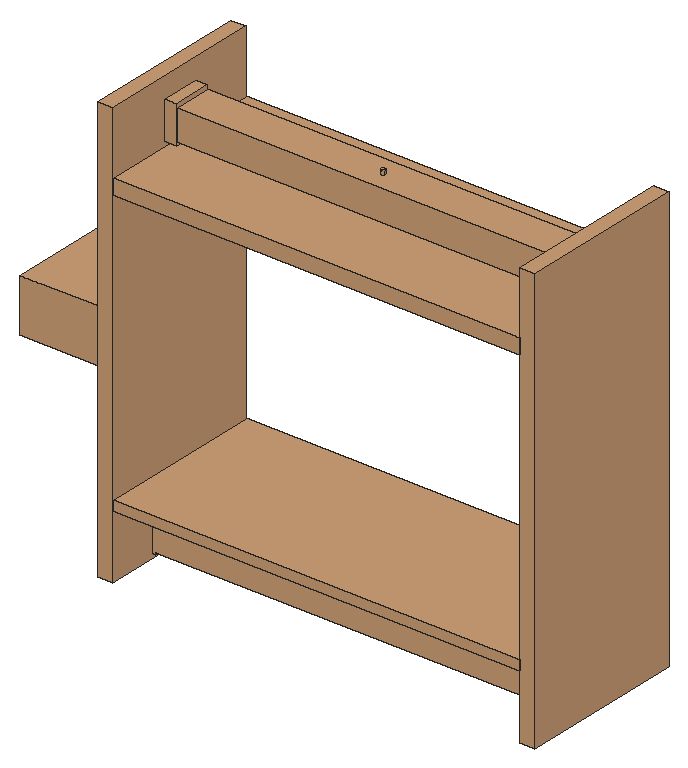
Revit family
Parameters
  Center of Unit = 0' - 0"  # constant formula
  Total Heating Capacity [instance] = 0.0 Btu/h
  Series = "VIFB"
  Outlet Area = 13.40 SF
  Lower Frame Thickness = if(Headers Height = 0' 3", 0' 1 1/4", if(Headers Height = 0' 3 1/4", 0' 1 1/4", 0' 0"))  # 0' - 1 1/4"
  Water Pressure Drop [instance] = 0.00 psi
  Water Flow [instance] = 0 GPM
  Unit Weight (lbs) = 605
  URL = "http://www.ljwing.com/"
  Water Outlet Radius = 0' - 1 1/2"
  Headers Height = if(M = 0' 1", 0' 3", if(M = 0' 1 1/2", 0' 3 1/4", 0' 0"))  # 0' - 3"
  Number of Rows = 2  # constant formula
  Number of Coils [instance] = 0
  Nominal Length = 4' - 9 5/8"
  N = 1' - 0 3/4"
  Model = "VB-5W"
  Manufacturer = "LJ Wing"
  M = 0' - 1"
  Leaving Water Temperature [instance] = 0 °F
  Leaving Air Temperature [instance] = 0 °F
  Entering Water Temperature [instance] = 0 °F
  Entering Air Temperature [instance] = 0 °F
  Description = "Vertical Integral Face & Bypass Water Heating Coils"
  Hot Water Inlet  Radius = 0' - 1 1/2"
  Coil Face Area = Outlet Area * 0.56  # 7.504 SF
  Casing Material = ""
  Assembly Code = "D3020300"
  Air Vent Radius = 0' - 0 1/4"
  Air Pressure Drop [instance] = 0.00 in-wg
  Air Inlet Width = Nominal Length - 0' 4"  # 4' - 5 5/8"
  Air Inlet Height = Y  # 3' - 0"
  Air Flow [instance] = 0 CFM
  Y = 3' - 0"
  S = 0' - 9 3/4"  # constant formula
  Product URL = "http://www.ljwing.com/html/vifb.asp"
  OmniClass = "23-75 70 21 14 "
  Nominal Height = 4' - 8"
  Nominal Depth = 1' - 10"
  R = 0' - 10 1/4"  # constant formula
  Q = 0' - 4 13/16"
Reference planes (in)
  plane 1 "Center (Front/Back)": y = 0
  plane 2: z = -18
  plane 3 "Center (Left/Right)": x = 0
  plane 4: z = 28.25
  plane 5: x = -28.8125
  plane 6: x = 28.8125
  plane 7: z = -27.75
  plane 8: z = 0
  plane 9: y = -11
  plane 10: y = 11
  plane 11: z = 18
  plane 12: z = 20
  plane 13: z = -19.25
  plane 14: x = 26.8125
  plane 15: x = -26.8125
  plane 16: x = -24
  plane 17: x = 24
  plane 18: y = 14.0625
  plane 19: x = -39.8125
  plane 20: z = 25.125
  plane 21: z = 21.125
  plane 22: y = -2.5
  plane 23: y = 2.5
  plane 24: y = -4.5
  plane 25: z = -25.375
  plane 26: x = -16.0625
  plane 27: x = 16.0625
  plane 28: z = -21.375
Forms (in)
  Extrusion 1, solid, material "Painted Finish"
    sketch origin (0, 6, -9.75) x (1, 0, 0) y (0, 0, 1)
      loop
        line (-28.8125, -18) -> (-26.8125, -18) -> (-26.8125, 38) -> (-28.8125, 38) -> (-28.8125, -18)
      loop
        line (28.8125, -18) -> (28.8125, 38) -> (26.8125, 38) -> (26.8125, -18) -> (28.8125, -18)
    from -5 to 17
  Extrusion 2, solid, material "Painted Finish"
    sketch origin (0, 6, 0) x (1, 0, 0) y (0, 0, 1)
      loop
        line (26.8125, -18) -> (-26.8125, -18) -> (-26.8125, -19.25) -> (26.8125, -19.25) -> (26.8125, -18)
      loop
        line (26.8125, 18) -> (26.8125, 20) -> (-26.8125, 20) -> (-26.8125, 18) -> (26.8125, 18)
    from -5 to 17
  Extrusion 3, solid, material "Painted Finish"
    sketch origin (0, 10, -0.5) x (1, 0, 0) y (0, 0, 1)
      loop
        line (-28.8125, 4) -> (-39.8125, 4) -> (-39.8125, -3) -> (-28.8125, -3) -> (-28.8125, 4)
    from 0 to 20
  Extrusion 4, solid, material "Painted Finish"
    sketch origin (0, 6, 0) x (1, 0, 0) y (0, 0, 1)
      loop
        line (-25.1875, 25.125) -> (-25.1875, 21.125) -> (25.1875, 21.125) -> (25.1875, 25.125) -> (-25.1875, 25.125)
    from 3.5 to 8.5
  Extrusion 5, solid, material "Painted Finish"
    sketch origin (0, 0, 0) x (1, 0, 0) y (0, 0, 1)
      loop
        line (-25.1875, 20.625) -> (-25.1875, 25.625) -> (-26.8125, 25.625) -> (-26.8125, 20.625) -> (-25.1875, 20.625)
      loop
        line (26.8125, 20.625) -> (26.8125, 25.625) -> (25.1875, 25.625) -> (25.1875, 20.625) -> (26.8125, 20.625)
    from -2.5 to 2.5
  Extrusion 6, solid, material "Painted Finish"
    sketch origin (0, 6, 0) x (1, 0, 0) y (0, 0, 1)
      loop
        line (-26.3125, -19.875) -> (-26.3125, -19.625) -> (-26.8125, -19.625) -> (-26.8125, -23.125) -> (-26.3125, -23.125) -> (-26.3125, -22.875) -> (26.3125, -22.875) -> (26.3125, -23.125) -> (26.8125, -23.125) -> (26.8125, -19.625) -> (26.3125, -19.625) -> (26.3125, -19.875) -> (-26.3125, -19.875)
      loop
        line (26.3125, -26.875) -> (26.3125, -27.125) -> (26.8125, -27.125) -> (26.8125, -23.625) -> (26.3125, -23.625) -> (26.3125, -23.875) -> (-26.3125, -23.875) -> (-26.3125, -23.625) -> (-26.8125, -23.625) -> (-26.8125, -27.125) -> (-26.3125, -27.125) -> (-26.3125, -26.875) -> (26.3125, -26.875)
    from -5 to 10.5
  Extrusion 7, void
    sketch origin (0, 0, 0) x (1, 0, 0) y (0, 0, 1)
      loop
        line (-26.8125, 18) -> (-26.8125, -18) -> (26.8125, -18) -> (26.8125, 18) -> (-26.8125, 18)
    from -11 to 11
  Extrusion 8, solid, material "Painted Finish"
    sketch origin (0, 0, 0) x (1, 0, 0) y (0, 0, 1)
      loop
        circle (16.0625, -25.375) r 1
      loop
        circle (-16.0625, -21.375) r 1
    from -14.0625 to -11
  Extrusion 9, solid, material "Painted Finish"
    sketch origin (0, 0, 0) x (1, 0, 0) y (0, 1, 0)
      loop
        circle (0, 0) r 0.25
    from 25.125 to 25.625
Cuts and joins
  Extrusion 7 cuts Extrusion 1
  Extrusion 7 cuts Extrusion 2
Dimensions and locks (in)
  "Nominal Length": plane 6 to plane 5
  equal spacing: plane 6, plane 3 "Center (Left/Right)", plane 5
  "S": plane 2 to plane 7
  "Nominal Depth": plane 10 to plane 9
  equal spacing: plane 10, plane 1 "Center (Front/Back)", plane 9
  "Y": plane 11 to plane 2
  "R": plane 4 to plane 11
  locked: plane 12 to plane 11 at 2
  "Lower Frame Thickness": plane 2 to plane 13
  "Q": plane 16 to plane 5
  "Q": plane 6 to plane 17
  locked: plane 18 to plane 10 at 3.0625
  locked: plane 5 to plane 19 at 11
  locked: Extrusion 3 sketch curve to Extrusion 3 sketch curve at 7
  locked: Extrusion 3 to Extrusion 3 at 20
  locked: plane 6 to plane 14 at 2
  locked: plane 15 to plane 5 at 2
  locked: Extrusion 5 sketch curve to plane 20 at 0.5
  locked: plane 21 to Extrusion 5 sketch curve at 0.5
  locked: plane 20 to plane 21 at 4
  locked: plane 23 to plane 22 at 5
  equal spacing: plane 23, plane 1 "Center (Front/Back)", plane 22
  locked: plane 22 to plane 24 at 2
  plane 4 to plane 7 = 4' - 8"
  locked: Extrusion 5 sketch curve to Extrusion 1 at 1.625
  locked: Extrusion 5 sketch curve to Extrusion 5 sketch curve at 1.625
  locked: Extrusion 7 sketch curve to plane 11 at 0
  locked: Extrusion 7 sketch curve to plane 15 at 0
  locked: Extrusion 7 sketch curve to plane 14 at 0
  locked: plane 15 to Extrusion 6 sketch curve at 0.5
  locked: Extrusion 6 sketch curve to Extrusion 6 sketch curve at 0.25  (x2)
  locked: plane 25 to plane 7 at 2.375
  "N": plane 26 to plane 5
  "N": plane 6 to plane 27
  locked: plane 28 to plane 7 at 6.375
  "Headers Height": Extrusion 6 sketch curve to Extrusion 6 sketch curve  (x2)
  locked: Extrusion 8 sketch curve to plane 25 at 0
  locked: Extrusion 8 sketch curve to plane 28 at 0
  locked: Extrusion 9 sketch curve to plane 1 "Center (Front/Back)" at 0
  locked: Extrusion 9 sketch curve to plane 3 "Center (Left/Right)" at 0
  equal spacing: Extrusion 6 sketch curve, plane 28, Extrusion 6 sketch curve
  equal spacing: Extrusion 6 sketch curve, plane 25, Extrusion 6 sketch curve
  locked: plane 4 to plane 20 at 3.125
  locked: Extrusion 7 sketch curve to plane 2 at 0
  equal spacing: plane 11, plane 8, plane 2
  locked: Extrusion 8 sketch curve to plane 27 at 0
  locked: Extrusion 8 sketch curve to plane 26 at 0
  "M": radius of Extrusion 8 sketch curve  (x2)
  "Air Vent Radius": radius of Extrusion 9 sketch curve
  aligned and locked: Extrusion 1 to plane 9
  aligned and locked: Extrusion 1 to plane 10
  aligned and locked: plane 15 to Extrusion 1
  aligned and locked: Extrusion 1 to plane 14
  aligned and locked: plane 9 to Extrusion 2
  aligned and locked: plane 9 to Extrusion 1
  aligned and locked: plane 10 to Extrusion 1  (x2)
  aligned and locked: Extrusion 2 to plane 10
  aligned and locked: plane 10 to Extrusion 2  (x2)
  aligned and locked: Extrusion 2 to plane 9  (x2)
  aligned and locked: plane 5 to Extrusion 3
  aligned and locked: Extrusion 5 sketch curve to plane 15
  aligned and locked: Extrusion 5 sketch curve to Extrusion 4
  aligned and locked: Extrusion 1 to Extrusion 6
  aligned and locked: plane 22 to Extrusion 5
  aligned and locked: Extrusion 5 to Extrusion 4  (x2)
  aligned and locked: Extrusion 5 to plane 23
  aligned and locked: Extrusion 6 to plane 24
  aligned and locked: Extrusion 4 to Extrusion 5  (x2)
  aligned and locked: Extrusion 5 to Extrusion 1  (x2)
  aligned and locked: Extrusion 1 to Extrusion 7  (x2)
  aligned and locked: Extrusion 8 to plane 18
  aligned and locked: Extrusion 8 to plane 10
  aligned and locked: plane 20 to Extrusion 9
  aligned and locked: Extrusion 9 to Extrusion 5
  aligned and locked: plane 2 to cut or joined group of Extrusion 2, Extrusion 7
  aligned and locked: plane 6 to Extrusion 1 sketch curve
  aligned and locked: plane 14 to Extrusion 1 sketch curve
  aligned and locked: Extrusion 1 sketch curve to plane 15
  aligned and locked: Extrusion 1 sketch curve to plane 5
  aligned and locked: Extrusion 1 sketch curve to plane 4  (x2)
  aligned and locked: plane 7 to Extrusion 1 sketch curve  (x2)
  aligned and locked: Extrusion 2 sketch curve to plane 11
  aligned and locked: Extrusion 2 sketch curve to plane 12
  aligned and locked: plane 2 to Extrusion 2 sketch curve
  aligned and locked: Extrusion 2 sketch curve to plane 13
  aligned and locked: Extrusion 2 sketch curve to plane 14  (x2)
  aligned and locked: Extrusion 2 sketch curve to plane 15  (x2)
  aligned and locked: plane 20 to Extrusion 4 sketch curve
  aligned and locked: Extrusion 4 sketch curve to plane 21
  aligned and locked: Extrusion 6 sketch curve to plane 14  (x2)
  aligned and locked: plane 15 to Extrusion 6 sketch curve  (x2)
Automatic sketch dimensions
  Extrusion 3 sketch curve to plane 19 = 0' - 0"
  Extrusion 3 sketch curve to plane 5 = 0' - 0"
  plane 8 to Extrusion 3 sketch curve = 0' - 3 1/2"
  Extrusion 4 sketch curve to plane 16 = 0' - 1 3/16"
  plane 17 to Extrusion 4 sketch curve = 0' - 1 3/16"
  plane 21 to Extrusion 5 sketch curve = 0' - 0 1/2"
  Extrusion 5 sketch curve to plane 20 = 0' - 0 1/2"
  plane 15 to Extrusion 6 sketch curve = 0' - 0 1/2"  (x2)
  Extrusion 6 sketch curve to Extrusion 6 sketch curve = 0' - 0 1/4"  (x5)
  Extrusion 6 sketch curve to Extrusion 6 sketch curve = 0' - 0"  (x2)
  Extrusion 6 sketch curve to plane 14 = 0' - 0 1/2"  (x2)
  Extrusion 6 sketch curve to Extrusion 6 sketch curve = 0' - 0 1/2"
  Extrusion 6 sketch curve to plane 7 = 0' - 0 5/8"
Connectors (in)
  hvac at (0, -11, 0), driven by "Air Inlet Height", driven by "Air Inlet Width", driven by "Air Flow", driven by "Air Pressure Drop"
    settings: on Extrusion 7, index 1
  hvac at (0, 11, 0), driven by "Air Pressure Drop", driven by "Air Inlet Height", driven by "Air Inlet Width", driven by "Air Flow"
    settings: on Extrusion 7, index 2
  piping at (-16.0625, 14.0625, -21.375), driven by "M", driven by "Water Flow", driven by "Water Pressure Drop"
    settings: on Extrusion 8, index 4
  piping at (16.0625, 14.0625, -25.375), driven by "Water Pressure Drop", driven by "Water Flow", driven by "M"
    settings: on Extrusion 8, index 5
